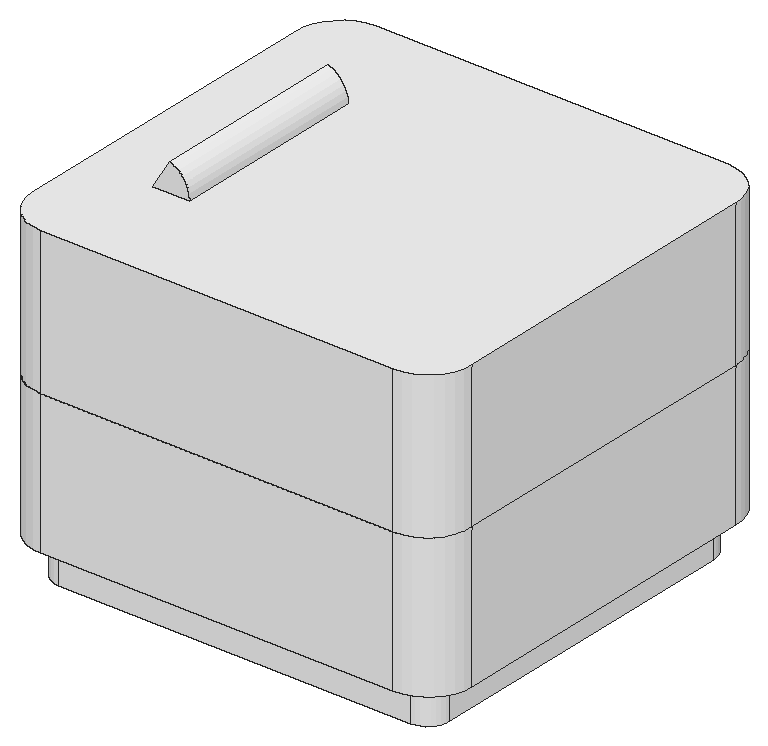
Revit family "Gira_267730", category Electrical Fixtures, host Face, Revit 2017
Family settings
  Host = Face
  Maintain Annotation Orientation = Yes
  Round Connector Dimension = Use Diameter
  Part Type = Normal
  Cut with Voids When Loaded = No
  Shared = No
  Room Calculation Point = No
Parameters (values of type "RCD-prot.sock. 30 mA HC + SH WP surface-mounted p.white")
  URL = "http://katalog.gira.de/en/datenblatt.html?artikelnr=267730"
  Transparent = "No"
  Rated fault current = "0.03"
  Name = "RCD-prot.sock. 30 mA HC + SH WP surface-mounted p.white"
  Model = "Other"
  Manufacturer URL = "https://www.gira.de/"
  Manufacturer = "Gira"
  Keynote = ""
  HeinzeBIM = "https://bimportal.heinze.de/bim/rcd-prot-sock-30-ma-hc-sh-wp-surface-mounted-p-white/9ecc27c1969cc6a7678420b9532aa59f3770a873"
  HAN = "267730"
  GTIN = "4010337028925"
  Description = "RCD-prot.sock.30mA SH WP SM PW,RCD-protected socket outlet 30 mA with hinged cover, integrated increased contact protection (shutter) and symbol ,,pure white,Features:,- The RCD-protected socket outlet is a permanently installed protective device with voltage-dependent residual current tripping in accordance with VDE0664.,- This device works like an RCD switch.,- Additional SCHUKO socket outlets can be connected to the connection wires, which are then also included in the residual current protection.,,Notes :,- Increased contact protection pursuant to DIN-VDE 0620-1."
  Default Elevation = 1219.2 mm
  Data sheet (1) = "https://katalog.gira.de/en/download.html?artikelnr=267730"
  Category = "Socket outlet"
  BIM (1) = "https://media.stage.bim.site/public/gira/36a6b08/IP44_Komplettgerät_Steckdose.rfa?public/gira/36a6b08/IP44_Komplettgerät_Steckdose.rfa"
  Available = "No"
Reference planes
  plane 1 "Center (Front/Back)": y = 0
  plane 2: z = 0
  plane 3 "Center (Left/Right)": x = 0
Forms (mm)
  Extrusion 1, solid, material "White", detail levels fine
    sketch origin (41, 0, 0) x (1, 0, 0) y (0, 1, 0)
      loop
        line (-9, 38) -> (-73, 38)
        arc (-73, 38) -> (-78.657, 35.657) -> (-81, 30) r 8
        line (-81, 30) -> (-81, -30)
        arc (-81, -30) -> (-78.657, -35.657) -> (-73, -38) r 8
        line (-73, -38) -> (-9, -38)
        arc (-9, -38) -> (-3.343, -35.657) -> (-1, -30) r 8
        line (-1, -30) -> (-1, 30)
        arc (-1, 30) -> (-3.343, 35.657) -> (-9, 38) r 8
    from 0 to 26
  Extrusion 2, solid, material "White", detail levels fine
    sketch origin (41, 0, 0) x (1, 0, 0) y (0, 1, 0)
      loop
        line (-9, 38) -> (-73, 38)
        arc (-73, 38) -> (-78.657, 35.657) -> (-81, 30) r 8
        line (-81, 30) -> (-81, -30)
        arc (-81, -30) -> (-78.657, -35.657) -> (-73, -38) r 8
        line (-73, -38) -> (-9, -38)
        arc (-9, -38) -> (-3.343, -35.657) -> (-1, -30) r 8
        line (-1, -30) -> (-1, 30)
        arc (-1, 30) -> (-3.343, 35.657) -> (-9, 38) r 8
    from 26 to 52.5
  Extrusion 3, solid, material "White", detail levels fine
    sketch origin (41, 0, 0) x (1, 0, 0) y (0, 0, 1)
      loop
        line (-68.7, 52.5) -> (-62.067, 52.5)
        arc (-62.067, 52.5) -> (-63.019, 55.628) -> (-65.7, 57.5) r 5
        line (-65.7, 57.5) -> (-68.7, 52.5)
    from 18 to -18
  Extrusion 4, solid, material "White", detail levels medium
    sketch origin (41, -5.734, 0) x (1, 0, 0) y (0, 1, 0)
      loop
        line (-9, 43.734) -> (-73, 43.734)
        arc (-73, 43.734) -> (-78.657, 41.391) -> (-81, 35.734) r 8
        line (-81, 35.734) -> (-81, -24.266)
        arc (-81, -24.266) -> (-78.657, -29.923) -> (-73, -32.266) r 8
        line (-73, -32.266) -> (-9, -32.266)
        arc (-9, -32.266) -> (-3.343, -29.923) -> (-1, -24.266) r 8
        line (-1, -24.266) -> (-1, 35.734)
        arc (-1, 35.734) -> (-3.343, 41.391) -> (-9, 43.734) r 8
    from 0 to 52.5
  Extrusion 5, solid, material "White", detail levels medium
    sketch origin (41, 0, 0) x (1, 0, 0) y (0, 0, 1)
      loop
        line (-68.7, 57.5) -> (-68.7, 52.5) -> (-62.067, 52.5) -> (-62.067, 57.5) -> (-68.7, 57.5)
    from -18 to 18
  Extrusion 6, solid, material "White", detail levels coarse
    sketch origin (41, 0, 0) x (1, 0, 0) y (0, 1, 0)
      loop
        line (-1, 38) -> (-81, 38) -> (-81, -38) -> (-1, -38) -> (-1, 38)
    from -7 to 57.5
  Extrusion 7, solid, material "White", detail levels medium+fine
    sketch origin (41, 0, 0) x (1, 0, 0) y (0, 1, 0)
      loop
        line (-9, 34) -> (-73, 34)
        arc (-73, 34) -> (-75.828, 32.828) -> (-77, 30) r 4
        line (-77, 30) -> (-77, -30)
        arc (-77, -30) -> (-75.828, -32.828) -> (-73, -34) r 4
        line (-73, -34) -> (-9, -34)
        arc (-9, -34) -> (-6.172, -32.828) -> (-5, -30) r 4
        line (-5, -30) -> (-5, 30)
        arc (-5, 30) -> (-6.172, 32.828) -> (-9, 34) r 4
    from 0 to -7
Dimensions and locks
  Extrusion 6 to plane 3 "Center (Left/Right)" to Extrusion 6 = 40 mm, 40 mm
  aligned and locked: plane 2 to host face
  aligned and locked: level to host face
  aligned and locked: plane 3 "Center (Left/Right)" to nested 1
  aligned and locked: plane 1 "Center (Front/Back)" to nested 1
Nested families
  nested 1: "Steckdose 1-fach Beschriftung" at (0, 0, 0), type "Steckdose 1-fach Beschriftung"
Connectors
  electrical at (0, 0, -7)
    settings: on Extrusion 7, index 1, voltage 220 V, apparent load 0 VA, apparent load phase1 0 VA, apparent load phase2 0 VA, apparent load phase3 0 VA, power factor 1, load classification "Other", number of poles 1, system type 31, power factor state 1, is connector primary yes, connector utility no, sub classification motor no, connector description ""
Definition of nested family "Steckdose 1-fach Beschriftung"
  Reference planes
    plane 1: y = 0
    plane 2: x = 0
  Lines and regions (mm)
    detail lines
      curve 1: line (0, 0, 0) -> (0, 2, 0)
      curve 3: line (0, 2, 0) -> (-1, 2, 0)
      curve 4: arc (1, 3, 0) -> (0, 2, 0) -> (-1, 3, 0) r 1
      curve 5: line (0, 2, 0) -> (1, 2, 0)
    reference lines
      curve 2: line (-0.485, 3, 0) -> (2.315, 3, 0)
  Dimensions and locks
    curve 1 to curve 1 = 2 mm
    plane 1 to curve 2 = 3 mm
    curve 3 to curve 3 = 1 mm
